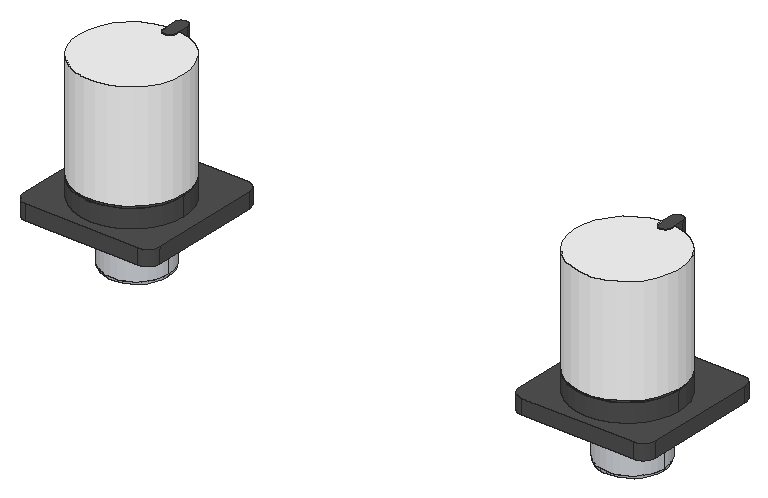
Revit family "Reece_Tap_Milli_Axon_Wall Top Assembly", category Plumbing Fixtures, host Face, Revit 2018
Family settings
  Host = Face
  Round Connector Dimension = Use Diameter
  Part Type = Normal
  Cut with Voids When Loaded = No
  Shared = Yes
  Room Calculation Point = Yes
Parameters (values of type "Matte Black_Chrome")
  Waste Connection = no
  WFU = 0  # constant formula
  Vent Connection = no
  URL = "https://www.reece.com.au/product/-2252079"
  Type Comments = "Tap"
  Reece_Tap_Axis Distance [instance] = 199.91 mm
  Reece_Product_Web Page = "https://www.reece.com.au/product/-2252079"
  Reece_Product_Type = "Tap"  # constant formula
  Reece_Product_Sub Brand = "Axon"  # constant formula
  Reece_Product_Number = "2252079"
  Reece_Product_Mount = "Wall Mounted"
  Reece_Product_Description = "Milli Axon Wall Top Assemblies with Black Backplate Chrome / Matte Black"
  Reece_Product_Brand = "Milli"  # constant formula
  Reece_Overall_Projection = 57 mm  # constant formula
  Reece_Overall_Length = 55 mm  # constant formula
  Reece_Overall_Height = 55 mm  # constant formula
  Reece_Material_Secondary = Reece_Brass_Chrome
  Reece_Material_Main = Reece_Brass_Matte Black
  Reece_Material_Colour = Reece_Brass_Matte Black
  Reece_Detail_Shape = ""
  Reece_Detail_Disclaimer = "THIS FILE IS THE PROPERTY OF THE REECE GROUP. IT MAY NOT BE REPRODUCED, REVERSE-ENGINEERED OR MODIFIED. ANY REPUBLICATION, TRANSMISSION OR DISTRIBUTION FOR THE PURPOSE OF COMMERCIALLY EXPLOITING THE FILES IS PROHIBITED."  # constant formula
  Reece_Detail_Additional = "Black Backplate"
  Model = "Axon"
  Mixer_Type = Reece_Tap_Mili_Axon_Wall Top Assembly : Standard
  Manufacturer = "Milli"
  Keynote = "Product #2252079, Reece_Tap_Milli_Axon_Wall Top Assembly - Matte Black_Chrome"
  HWFU = 0  # constant formula
  HW Connection = no
  Disclaimer = "THIS FILE IS THE PROPERTY OF THE REECE GROUP. IT MAY NOT BE REPRODUCED, REVERSE-ENGINEERED OR MODIFIED. ANY REPUBLICATION, TRANSMISSION OR DISTRIBUTION FOR THE PURPOSE OF COMMERCIALLY EXPLOITING THE FILES IS PROHIBITED."  # constant formula
  Description = "Milli Axon Wall Top Assemblies with Black Backplate Chrome / Matte Black"
  Default Elevation = 1000 mm
  CWFU = 0  # constant formula
  CW Connection = no
Types (6, lengths in mm): name | URL | Reece_Tap_Axis Distance | Reece_Product_Web Page | Reece_Product_Number | Reece_Product_Description | Reece_Material_Main | Reece_Material_Colour | Reece_Detail_Additional | Mixer_Type | Keynote | Description
  Chrome | "https://www.reece.com.au/product/-2252077" | 200 | "https://www.reece.com.au/product/-2252077" | "2252077" | "Milli Axon Wall Top Assemblies Chrome" | Reece_Brass_Chrome | Reece_Brass_Chrome | "" | Reece_Tap_Mili_Axon_Wall Top Assembly : Standard | "Product #2252077, Reece_Tap_Milli_Axon_Wall Top Assembly - Chrome" | "Milli Axon Wall Top Assemblies Chrome"
  Chrome_Matte Black | "https://www.reece.com.au/product/-2252078" | 200 | "https://www.reece.com.au/product/-2252078" | "2252078" | "Milli Axon Wall Top Assemblies Chrome / Black" | Reece_Brass_Chrome | Reece_Brass_Matte Black | "" | Reece_Tap_Mili_Axon_Wall Top Assembly : Standard | "Product #2252078, Reece_Tap_Milli_Axon_Wall Top Assembly - Chrome_Matte Black" | "Milli Axon Wall Top Assemblies Chrome / Black"
  Matte Black_Chrome | "https://www.reece.com.au/product/-2252079" | 199.91 | "https://www.reece.com.au/product/-2252079" | "2252079" | "Milli Axon Wall Top Assemblies with Black Backplate Chrome / Matte Black" | Reece_Brass_Matte Black | Reece_Brass_Matte Black | "Black Backplate" | Reece_Tap_Mili_Axon_Wall Top Assembly : Standard | "Product #2252079, Reece_Tap_Milli_Axon_Wall Top Assembly - Matte Black_Chrome" | "Milli Axon Wall Top Assemblies with Black Backplate Chrome / Matte Black"
  Extended Spindle_Chrome | "https://www.reece.com.au/product/-2252080" | 200 | "https://www.reece.com.au/product/-2252080" | "2252080" | "Milli Axon Wall Top Assembly Taps 15mm Extended Spindle Chrome" | Reece_Brass_Chrome | Reece_Brass_Chrome | "Extended Spindle" | Reece_Tap_Mili_Axon_Wall Top Assembly : Extended Spindle | "Product #2252080, Reece_Tap_Milli_Axon_Wall Top Assembly - Extended Spindle_Chrome" | "Milli Axon Wall Top Assemblies Chrome / Black"
  Extended Spindle_Chrome_Matte Black | "https://www.reece.com.au/product/-2252081" | 200 | "https://www.reece.com.au/product/-2252081" | "2252081" | "Milli Axon Wall Top Assembly Taps 15mm Extended Spindle Chrome / Black" | Reece_Brass_Chrome | Reece_Brass_Matte Black | "Extended Spindle" | Reece_Tap_Mili_Axon_Wall Top Assembly : Extended Spindle | "Product #2252081, Reece_Tap_Milli_Axon_Wall Top Assembly - Extended Spindle_Chrome_Matte Black" | "Milli Axon Wall Top Assemblies Chrome / Black"
  Extended Spindle_Matte Black_Chrome | "https://www.reece.com.au/product/-2252082" | 200 | "https://www.reece.com.au/product/-2252082" | "2252082" | "Milli Axon Wall Top Assembly Taps with Black Backplate 15mm Extended Spindle Chrome/ Matte Black" | Reece_Brass_Matte Black | Reece_Brass_Matte Black | "Black Backplate with Extended Spindle" | Reece_Tap_Mili_Axon_Wall Top Assembly : Extended Spindle | "Product #2252082, Reece_Tap_Milli_Axon_Wall Top Assembly - Extended Spindle_Matte Black_Chrome" | "Milli Axon Wall Top Assemblies Chrome / Black"
Reference planes
  plane 1 "Center (Front/Back)": y = 0
  plane 2 "Bottom": z = 0
  plane 3 "Center (Left/Right)": x = 0
  plane 4 "left": x = -99.955
  plane 5 "right": x = 99.955
  plane 6: y = 27.357
  plane 7: y = -27.643
  plane 8: z = 57
Forms (mm)
  Revolve 1, void
    sketch origin (0, 0, 0) x (1, 0, 0) y (0, 0, 1)
      loop
        line (-99.955, 64.095) -> (-99.955, -38.477) -> (-74.955, -38.477) -> (-74.955, 64.095) -> (-99.955, 64.095)
      axis (-99.955, 64.095) -> (-99.955, -38.477)
    angle from 0 to 360
  Revolve 2, void
    sketch origin (0, 0, 0) x (-1, 0, 0) y (0, 0, 1)
      loop
        line (-99.955, 64.095) -> (-99.955, -38.477) -> (-74.955, -38.477) -> (-74.955, 64.095) -> (-99.955, 64.095)
      axis (-99.955, 64.095) -> (-99.955, -38.477)
    angle from 0 to 360
Text (mm)
  text "Reece Copyright © 2018, Reece Ltd." at (-209.809, -205.219, 0), in view "Ref. Level"
  text "Reece ©" at (44.384, 258.95, 192.345), in view "Reece Preview"
Dimensions and locks
  "Reece_Tap_Axis Distance": plane 4 "left" to plane 5 "right"
  equal spacing: plane 4 "left", plane 3 "Center (Left/Right)", plane 5 "right"
  "Reece_Overall_Projection": plane 2 "Bottom" to nested 1
  "Reece_Overall_Projection": plane 8 to plane 2 "Bottom"
  plane 7 to plane 6 = 55 mm  (x2)
  nested 1 to nested 1 = 55 mm
  nested 2 to nested 2 = 55 mm  (x2)
  "Reece_Overall_Height": plane 6 to nested 1
  aligned and locked: plane 2 "Bottom" to host face
  aligned and locked: level to host face
  aligned and locked: nested 1 to plane 4 "left"
  aligned and locked: nested 2 to plane 5 "right"
  aligned and locked: nested 1 to plane 1 "Center (Front/Back)"
Automatic sketch dimensions
  host sketch curve to host sketch curve = 380.785 mm
  host sketch curve to host sketch curve = 317.421 mm
  plane 4 "left" to Revolve 1 sketch curve = 0 mm  (x2)
  Revolve 1 sketch curve to level = 38.477 mm
  Revolve 1 sketch curve to Revolve 1 sketch curve = 7.901 mm
  plane 5 "right" to Revolve 2 sketch curve = 0 mm  (x2)
  Revolve 2 sketch curve to plane 5 "right" = 25 mm
  level to Revolve 2 sketch curve = 38.477 mm
  Revolve 2 sketch curve to Revolve 2 sketch curve = 7.901 mm
  Revolve 1 sketch curve to plane 4 "left" = 25 mm
  level to Revolve 1 sketch curve = 64.095 mm
  level to Revolve 1 sketch curve = 3.621 mm
  Revolve 2 sketch curve to level = 64.095 mm
  Revolve 2 sketch curve to level = 3.621 mm
Nested families
  nested 1: "Reece_Tap_Mili_Axon_Wall Top Assembly" at (-99.955, 0, 0), Reece_Material_Colour <- "Reece_Material_Colour", Reece_Material_Main <- "Reece_Material_Main", Reece_Material_Secondary <- "Reece_Material_Secondary", type <- "Mixer_Type", type "Standard"
    with Reece_Material_Secondary Reece_Brass_Chrome, Reece_Material_Main Reece_Brass_Matte Black, Reece_Material_Colour Reece_Brass_Matte Black
  nested 2: "Reece_Tap_Mili_Axon_Wall Top Assembly" at (99.955, 0, 0), Reece_Material_Colour <- "Reece_Material_Colour", Reece_Material_Main <- "Reece_Material_Main", Reece_Material_Secondary <- "Reece_Material_Secondary", type <- "Mixer_Type", type "Standard"
    with Reece_Material_Secondary Reece_Brass_Chrome, Reece_Material_Main Reece_Brass_Matte Black, Reece_Material_Colour Reece_Brass_Matte Black
Connectors
  piping at (99.955, -2.643, 0), diameter 12
    settings: on nested 2, index 1, connector inside diameter 609.6 mm, connector length 0 mm, flow factor 0, pipe flow 0.0 L/s, pressure drop 0.0 Pa, fitting loss kfactor 0, connector angle 0.00°, fixture units 0, engagement length 0 mm, angle of deflection 0.00°, flow configuration 0, flow direction 1, fitting loss method 0, system type 29, joint type 0, gender type 0, connector reference index -1, connector utility 0, adjustable connector no, is connector primary yes, connector description ""
  piping at (-99.955, -2.643, 0), diameter 12
    settings: on nested 1, index 2, connector inside diameter 609.6 mm, connector length 0 mm, flow factor 0, pipe flow 0.0 L/s, pressure drop 0.0 Pa, fitting loss kfactor 0, connector angle 0.00°, fixture units 0, engagement length 0 mm, angle of deflection 0.00°, flow configuration 0, flow direction 1, fitting loss method 0, system type 29, joint type 0, gender type 0, connector reference index -1, connector utility 0, adjustable connector no, is connector primary no, connector description ""
Definition of nested family "Reece_Tap_Mili_Axon_Wall Top Assembly"
  Parameters (values of type "Extended Spindle")
    Waste Connection = no
    WFU = 0
    Vent Connection = no
    URL = ""
    Type Comments = ""
    Reece_Material_Secondary [instance] = none
    Reece_Material_Main [instance] = none
    Reece_Material_Colour [instance] = none
    Model = ""
    Manufacturer = ""
    Keynote = ""
    HWFU = 0
    HW Connection = no
    Standard_Spindle = not(Extended_Spindle)  # no
    Extended_Spindle = yes
    Description = ""
    Default Elevation = 0 mm
    Cost = 0
    CWFU = 0
    CW Connection = no
    Assembly Code = ""
  Types (3, lengths in mm): name | Standard_Spindle | Extended_Spindle
    Standard | yes | no
    Extended Spindle | no | yes
    wall tap assembly_nested | no | yes
  Reference planes
    plane 1 "Center (Front/Back)": y = 0
    plane 2 "Bottom": z = 0
    plane 3 "Center (Left/Right)": x = 0
    plane 4 "Top": z = 218.011
  Forms (mm)
    Extrusion 1, solid
      sketch origin (619.2, -619.2, 0) x (1, 0, 0) y (0, 1, 0)
        loop
          line (-809.2, 779.2) -> (-809.2, 461.779) -> (-428.415, 461.779) -> (-428.415, 779.2) -> (-809.2, 779.2)
      from 0 to -9.564
    Extrusion 2, solid, material <- "Reece_Material_Main"
      sketch origin (0, -2.643, 0) x (-1, 0, 0) y (0, -1, 0)
        loop
          arc (22.5, -30) -> (26.036, -28.536) -> (27.5, -25) r 5
          line (27.5, -25) -> (27.5, 20)
          arc (27.5, 20) -> (26.036, 23.536) -> (22.5, 25) r 5
          line (22.5, 25) -> (-22.5, 25)
          arc (-22.5, 25) -> (-26.036, 23.536) -> (-27.5, 20) r 5
          line (-27.5, 20) -> (-27.5, -25)
          arc (-27.5, -25) -> (-26.036, -28.536) -> (-22.5, -30) r 5
          line (-22.5, -30) -> (22.5, -30)
        loop
          circle (0, 0) r 21
      from 0 to 6
    Extrusion 3, solid, material <- "Reece_Material_Secondary"
      sketch origin (100, -2.643, 1) x (-1, 0, 0) y (0, -1, 0)
        loop
          arc (102.5, -20.851) -> (100, 21) -> (97.5, -20.851) r 21
          line (97.5, -20.851) -> (97.5, -19.22)
          arc (97.5, -19.22) -> (100, -16.72) -> (102.5, -19.22) r 2.5
          line (102.5, -19.22) -> (102.5, -20.851)
      from 13 to 56
    Extrusion 4, solid, material <- "Reece_Material_Colour"
      sketch origin (-100, -2.643, 0) x (-1, 0, 0) y (0, -1, 0)
        loop
          arc (-102.5, -25.048) -> (-100, -27.548) -> (-97.5, -25.048) r 2.5
          line (-97.5, -25.048) -> (-97.5, -19.22)
          arc (-97.5, -19.22) -> (-100, -16.72) -> (-102.5, -19.22) r 2.5
          line (-102.5, -19.22) -> (-102.5, -25.048)
      from 14 to 57
    Extrusion 5, void
      sketch origin (-100, -2.643, 0) x (-1, 0, 0) y (0, -1, 0)
        loop
          circle (-100, 0) r 20.615
        loop
          circle (-100, 0) r 21
      from 13.173 to 14
    Extrusion 6, solid, material <- "Reece_Material_Colour"
      sketch origin (100, -2.643, 0) x (-1, 0, 0) y (0, -1, 0)
        loop
          circle (100, 0) r 21
      from 0 to 14
    Revolve 7, solid, visible <- "Standard_Spindle"
      sketch origin (100.03, 0, 8.974) x (1, 0, 0) y (0, 0, 1)
        loop
          line (-100.03, -8.974) -> (-100.03, -28.974) -> (-87.429, -28.974) -> (-87.03, -27.879) -> (-87.03, -11.226) -> (-87.333, -8.974) -> (-100.03, -8.974)
        axis (-100.03, -8.974) -> (-100.03, -28.974)
      angle from 0 to 360
    Revolve 8, solid, visible <- "Extended_Spindle"
      sketch origin (100.03, 0, 8.974) x (1, 0, 0) y (0, 0, 1)
        loop
          line (-87.03, -26.226) -> (-87.333, -23.974) -> (-87.333, -8.974) -> (-100.03, -8.974) -> (-100.03, -23.974) -> (-100.03, -43.974) -> (-87.429, -43.974) -> (-87.03, -42.879) -> (-87.03, -26.226)
        axis (-100.03, -8.974) -> (-100.03, -43.974)
      angle from 0 to 360
  Cuts and joins
    Extrusion 5 cuts Extrusion 3
    Extrusion 5 cuts Extrusion 4
    Extrusion 5 cuts Extrusion 6
  Text (mm)
    text "Reece Copyright © 2018, Reece Ltd." at (-1403.988, -1192.393, 0), in view "Ref. Level"
    text "Reece ©" at (44.384, 258.95, 192.345), in view "Reece Preview"
  Dimensions and locks
    aligned and locked: plane 2 "Bottom" to Extrusion 1
    aligned and locked: level to Extrusion 1
